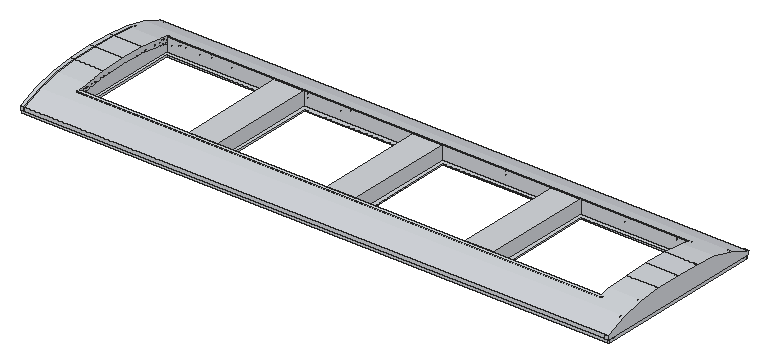
Revit family "Gira_021485", category Electrical Fixtures, host Face, Revit 2017
Family settings
  Host = Face
  Maintain Annotation Orientation = No
  Round Connector Dimension = Use Diameter
  Part Type = Normal
  Cut with Voids When Loaded = No
  Shared = No
  Room Calculation Point = No
Parameters (values of type "Abdeckrahmen 4f Zwischenr. AN Gira Event Opak Mint")
  Werkstoffgüte = "Thermoplast"
  Werkstoff = "Kunststoff"
  URL = "http://katalog.gira.de/de_DE/datenblatt.html?artikelnr=021485"
  Transparent = "No"
  Textfeld/Beschriftungsfläche = "No"
  Schutzart (IP) = "IP20"
  Region = "DE"
  Oberfläche = "sonstige"
  Name = "Abdeckrahmen 4f Zwischenr. AN Gira Event Opak Mint"
  Montagerichtung = "horizontal und vertikal"
  Mit Montagerahmen = "No"
  Mit Klappdeckel = "No"
  Manufacturer URL = "https://www.gira.de/"
  Keynote = "Event_Rahmen_4fach"
  HeinzeBIM = "https://bimportal.heinze.de/bim/abdeckrahmen-4f-zwischenr-an-gira-event-opak-mint/b6713e449e33ed0675d05cb9e82219e77e964691"
  Halogenfrei = "Yes"
  HAN = "021485"
  Geeignet für Unterputz-Installation = "Yes"
  Geeignet für Unterflurkanaldose = "No"
  Geeignet für Geräteeinbaukanal = "No"
  Geeignet für Einbauinstallation = "No"
  GTIN = "4010337214854"
  Farbe = "grün"
  Default Elevation = 1219.2 mm
  Data sheet (1) = "https://katalog.gira.de/de_DE/download.html?artikelnr=021485"
  Category = "Abdeckrahmen"
  Befestigungsart = "Klemmbefestigung"
  Available = "Yes"
  Anzahl der Einheiten vertikal = "4 "
  Anzahl der Einheiten horizontal = "4 "
  Anzahl der Einheiten = "4 "
Reference planes
  plane 1 "Center (Front/Back)": y = 0
  plane 2: z = 0
  plane 3 "Center (Left/Right)": x = 0
Forms (mm)
  Extrusion 1, solid, detail levels fine
    sketch origin (0, 0, 0.05) x (0, 1, 0) y (0, 0, 1)
      loop
        arc (12.445, 9.683) -> (6.223, 9.833) -> (0, 9.85) r 291.636
        arc (0, 9.85) -> (-6.223, 9.833) -> (-12.445, 9.683) r 291.636
        arc (-12.445, 9.683) -> (-29.14, 7.482) -> (-45, 1.823) r 79.728
        line (-45, 1.823) -> (-45, -0.05) -> (-42.086, -0.05)
        arc (-42.086, -0.05) -> (-21.385, 5.559) -> (0, 7.206) r 114.424
        arc (0, 7.206) -> (21.385, 5.559) -> (42.086, -0.05) r 114.424
        line (42.086, -0.05) -> (45, -0.05) -> (45, 1.823)
        arc (45, 1.823) -> (29.14, 7.482) -> (12.445, 9.683) r 79.728
    from -151.95 to 151.935
  Extrusion 2, void, detail levels fine
    sketch origin (0, 0, 0) x (1, 0, 0) y (0, 1, 0)
      loop
        line (134.95, 28.035) -> (-134.95, 28.035) -> (-134.95, -28.035) -> (134.95, -28.035) -> (134.95, 28.035)
    from 0.724 to 11
  Extrusion 3, solid, detail levels coarse
    sketch origin (0, 0, 0) x (1, 0, 0) y (0, 1, 0)
      loop
        line (-151.95, 45) -> (-151.95, -45) -> (151.935, -45) -> (151.935, 45) -> (-151.95, 45)
    from -1.5 to 9.9
  Extrusion 4, solid, detail levels medium
    sketch origin (0, 0, 0.05) x (0, 1, 0) y (0, 0, 1)
      loop
        arc (12.445, 9.683) -> (6.223, 9.833) -> (0, 9.85) r 291.636
        arc (0, 9.85) -> (-6.223, 9.833) -> (-12.445, 9.683) r 291.636
        arc (-12.445, 9.683) -> (-29.14, 7.482) -> (-45, 1.823) r 79.728
        line (-45, 1.823) -> (-45, -0.05) -> (45, -0.05) -> (45, 1.823)
        arc (45, 1.823) -> (29.14, 7.482) -> (12.445, 9.683) r 79.728
    from -151.95 to 151.935
  Extrusion 5, solid, detail levels fine
    sketch origin (-106.95, 0, -1.5) x (0, 1, 0) y (0, 0, -1)
      loop
        line (45, -3.373) -> (45, -1.5) -> (-45, -1.5) -> (-45, -3.373)
        arc (-45, -3.373) -> (-29.14, -9.032) -> (-12.445, -11.233) r 79.728
        arc (-12.445, -11.233) -> (-6.223, -11.383) -> (0, -11.4) r 291.636
        arc (0, -11.4) -> (6.223, -11.383) -> (12.445, -11.233) r 291.636
        arc (12.445, -11.233) -> (29.14, -9.032) -> (45, -3.373) r 79.728
    from 43 to 45
  Extrusion 6, solid, detail levels fine
    sketch origin (0, 0, 0) x (1, 0, 0) y (0, 1, 0)
      loop
        line (-132.85, 25.7) -> (-132.85, -25.7) -> (-81.05, -25.7) -> (-81.05, 25.7) -> (-132.85, 25.7)
      loop
        line (-9.755, -25.7) -> (-9.755, 25.7) -> (-61.555, 25.7) -> (-61.555, -25.7) -> (-9.755, -25.7)
      loop
        line (-135.845, 28.49) -> (-135.845, -28.495)
        spline (-135.845, -28.495) -> (-135.836, -28.625) -> (-135.811, -28.754) -> (-135.769, -28.878) -> (-135.711, -28.995) -> (-135.638, -29.104) -> (-135.552, -29.202) -> (-135.454, -29.288) -> (-135.345, -29.361) -> (-135.228, -29.419) -> (-135.104, -29.461) -> (-134.975, -29.486) -> (-134.845, -29.495)
        line (-134.845, -29.495) -> (134.845, -29.495)
        spline (134.845, -29.495) -> (134.975, -29.486) -> (135.104, -29.461) -> (135.228, -29.419) -> (135.345, -29.361) -> (135.454, -29.288) -> (135.552, -29.202) -> (135.638, -29.104) -> (135.711, -28.995) -> (135.769, -28.878) -> (135.811, -28.754) -> (135.836, -28.625) -> (135.845, -28.495)
        line (135.845, -28.495) -> (135.845, 28.49)
        spline (135.845, 28.49) -> (135.836, 28.62) -> (135.811, 28.748) -> (135.769, 28.872) -> (135.711, 28.99) -> (135.638, 29.098) -> (135.552, 29.197) -> (135.454, 29.283) -> (135.345, 29.356) -> (135.228, 29.413) -> (135.104, 29.456) -> (134.975, 29.481) -> (134.845, 29.49)
        line (134.845, 29.49) -> (-134.845, 29.49)
        spline (-134.845, 29.49) -> (-134.975, 29.481) -> (-135.104, 29.456) -> (-135.228, 29.413) -> (-135.345, 29.356) -> (-135.454, 29.283) -> (-135.552, 29.197) -> (-135.638, 29.098) -> (-135.711, 28.99) -> (-135.769, 28.872) -> (-135.811, 28.748) -> (-135.836, 28.62) -> (-135.845, 28.49)
      loop
        line (61.545, -25.7) -> (61.545, 25.7) -> (9.745, 25.7) -> (9.745, -25.7) -> (61.545, -25.7)
      loop
        line (132.85, -25.7) -> (132.85, 25.7) -> (81.05, 25.7) -> (81.05, -25.7) -> (132.85, -25.7)
    from 0.1 to 7.3
  Extrusion 7, solid
    sketch origin (0, 0, 0) x (1, 0, 0) y (0, 1, 0)
      loop
        arc (-151.65, -44.218) -> (-151.504, -44.572) -> (-151.15, -44.718) r 0.5
        line (-151.15, -44.718) -> (151.15, -44.718)
        arc (151.15, -44.718) -> (151.504, -44.572) -> (151.65, -44.218) r 0.5
        line (151.65, -44.218) -> (151.65, 44.182)
        arc (151.65, 44.182) -> (151.504, 44.535) -> (151.15, 44.682) r 0.5
        line (151.15, 44.682) -> (-151.15, 44.682)
        arc (-151.15, 44.682) -> (-151.504, 44.535) -> (-151.65, 44.182) r 0.5
        line (-151.65, 44.182) -> (-151.65, -44.218)
      loop
        line (-149.95, 42.982) -> (-149.95, -43.018) -> (149.95, -43.018) -> (149.95, 42.982) -> (-149.95, 42.982)
    from -1.5 to 0.5
  Extrusion 8, solid, detail levels fine
    sketch origin (106.935, 0, -1.5) x (0, 1, 0) y (0, 0, 1)
      loop
        arc (45, 3.373) -> (29.14, 9.032) -> (12.445, 11.233) r 79.728
        arc (12.445, 11.233) -> (6.223, 11.383) -> (0, 11.4) r 291.636
        arc (0, 11.4) -> (-6.223, 11.383) -> (-12.445, 11.233) r 291.636
        arc (-12.445, 11.233) -> (-29.14, 9.032) -> (-45, 3.373) r 79.728
        line (-45, 3.373) -> (-45, 1.5) -> (45, 1.5) -> (45, 3.373)
    from 43 to 45
  Extrusion 9, solid, detail levels medium
    sketch origin (0, 0, 0) x (1, 0, 0) y (0, 1, 0)
      loop
        line (-151.65, -44.718) -> (151.65, -44.718) -> (151.65, 44.682) -> (-151.65, 44.682) -> (-151.65, -44.718)
    from -1.5 to 0.5
  Extrusion 10, solid, detail levels fine
    sketch origin (-69.857, 0, 0) x (1, 0, 0) y (0, 1, 0)
      loop
        line (-8.943, 28.063) -> (-8.943, -27.937) -> (6.057, -27.937) -> (6.057, 28.063) -> (-8.943, 28.063)
    from 0.724 to 7.566
  Extrusion 11, solid, detail levels fine
    sketch origin (-1.443, 0, 0) x (-1, 0, 0) y (0, -1, 0)
      loop
        line (-8.943, -28.063) -> (6.057, -28.063) -> (6.057, 27.937) -> (-8.943, 27.937) -> (-8.943, -28.063)
    from 0.724 to 7.566
  Extrusion 12, solid, detail levels fine
    sketch origin (69.857, 0, 0) x (-1, 0, 0) y (0, -1, 0)
      loop
        line (-8.943, -28.063) -> (6.057, -28.063) -> (6.057, 27.937) -> (-8.943, 27.937) -> (-8.943, -28.063)
    from 0.724 to 7.566
Cuts and joins
  Extrusion 2 cuts Extrusion 1
  Extrusion 2 cuts Extrusion 6
Dimensions and locks
  aligned and locked: plane 2 to host face
  aligned and locked: level to host face
